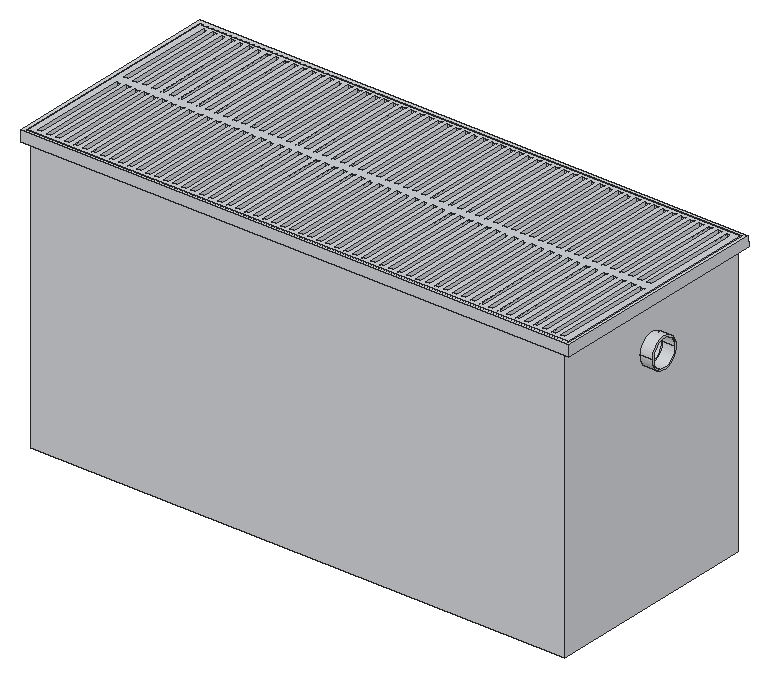
Revit family "Interceptor_Sand-Zurn-Z1187-SI", category Plumbing Fixtures, Revit 2022
Family settings
  Round Connector Dimension = Use Radius
  Part Type = Normal
  OmniClass Number = 23.45.55.21
  OmniClass Title = Drains (Wastes)
  Work Plane-Based = No
  Always vertical = Yes
  Cut with Voids When Loaded = No
  Maintain Annotation Orientation = No
  Shared = No
  Room Calculation Point = No
Parameters (values of type "Z1187-SI-500-6")
  Width = 48.000"
  Waste Connection = 1 = 1  # yes
  WFU = 1  # constant formula
  Void Length = Dimension L + 0.250"  # 120.250"
  Visibility_Size500 = yes
  Visibility_Size50 = no
  Visibility_Size250 = no
  Visibility_Size20 = no
  Visibility_Size150 = no
  Vent Connection = 1 = 0  # no
  URL = "www.zurn.com"
  Side Distance = 1.625"
  Product data url = "https://www.bimobject.com/en-in/zurnindustries/product/zurn-z1187-si"
  Product Page URL = "https://www.zurn.com/search?q=z1187-si"
  Product Documentation Link = "https://files.zurn.com/spec-sheets/z1187-si.pdf"
  Pipe Size_A Outer Radius = 3.313"
  Pipe Size_A Nominal Radius = 3.000"
  Pipe Size_A Inside Radius = 3.033"
  Outlet Distance = 1.250"
  No. of Grates = 20.000"
  Modified Date = "02/06/2026"  # constant formula
  Model = "Z1187-SI"  # constant formula
  Manufacurer Brand = "Zurn"  # constant formula
  Manufacturer = "Zurn Water, LLC"  # constant formula
  Main Material = Steel - Zurn - Fabricated - Acid resistant Coated
  Length L' = Dimension L + 0.875" + 0.875"  # 121.750"
  HWFU = 0  # constant formula
  HW Connection = 1 = 0  # no
  Frame Adjustment Height [instance] = 3.063"
  Flow G.P.M. (L) = 500.00 L
  End to Side Wall Distance = 2.875"
  Dimension L = 120.000"
  Dimension D = 51.000"
  Description = "SAND INTERCEPTOR"  # constant formula
  Default Elevation = 48.000"  # constant formula
  Date Created = "03/30/2021"  # constant formula
  Capacity Gal. (L) = 1200.00 L
  CWFU = 0  # constant formula
  CW Connection = 1 = 0  # no
  Body Side offset_1 = 1.500"
  Body Offset = 0.500"
  Assembly Code = "D2090300"
  Approx. Weight (Lbs) = 2204.00 lbf
Reference planes (in)
  plane 1 "Center (Front/Back)": y = 0
  plane 2: z = 0
  plane 3 "Center (Left/Right)": x = 0
  plane 4: x = -49.625
  plane 5: x = 49.625
  plane 6: y = -24
  plane 7: y = 24
  plane 8: x = -60.125
  plane 9: x = 60.125
  plane 10: x = -60.875
  plane 11: x = 60.875
  plane 12: x = -62.125
  plane 13: x = 62.125
  plane 14: x = -59.25
  plane 15: x = 60
  plane 16: x = -60.375
  plane 17: x = 60.375
  plane 18: z = 51
  plane 19: z = 63
  plane 20: z = 54.313
  plane 21: z = 47.687
  plane 22 "Grate Depth Plane": z = 61.25
  plane 23: z = 60.75
  plane 24: y = 24.875
  plane 25: y = -24.875
  plane 26 "L_Plane": x = -60
  plane 27: x = 60
  plane 28: y = 11.51743
  plane 29: y = -3.313
  plane 30: y = 3.313
  plane 31: x = 59.25
Forms (in)
  Extrusion 1, solid, material "Steel - Zurn - Fabricated - Acid resistant Coated" <- "Main Material", detail levels fine
    sketch origin (0, 0, 0) x (1, 0, 0) y (0, 0, 1)
      loop
        line (-59.25, 60.75) -> (-59.25, 0) -> (59.25, 0) -> (59.25, 60.75) -> (-59.25, 60.75)
    from -24 to 24
  Extrusion 2, solid, material "Steel - Zurn - Fabricated - Acid resistant Coated" <- "Main Material", detail levels fine
    sketch origin (0, 0, 0) x (0, 1, 0) y (0, 0, 1)
      loop
        circle (0, 51) r 3.313
      loop
        circle (0, 51) r 3.033
    from -62.125 to -59.25
  Extrusion 3, void
    sketch origin (0, 0, 0) x (0, 1, 0) y (0, 0, 1)
      loop
        circle (0, 51) r 3
    from -62.125 to 62.125
  Extrusion 4, solid, material "Steel - Zurn - Fabricated - Acid resistant Coated" <- "Main Material", detail levels fine
    sketch origin (0, 0, 0) x (1, 0, 0) y (0, 0, 1)
      loop
        line (-60.875, 60.75) -> (60.875, 60.75) -> (60.875, 63) -> (-60.875, 63) -> (-60.875, 60.75)
    from -24.875 to 24.875
  Extrusion 5, void
    sketch origin (0, 0, 0) x (1, 0, 0) y (0, 0, 1)
      loop
        line (-60.125, 63) -> (-60.125, 61.25) -> (60.125, 61.25) -> (60.125, 63) -> (-60.125, 63)
    from -24 to 24
  Extrusion 6, solid, material "Steel - Zurn - Fabricated - Acid resistant Coated" <- "Main Material", detail levels fine
    sketch origin (0, 0, 0) x (0, 1, 0) y (0, 0, -1)
      loop
        circle (0, -51) r 3.313
      loop
        circle (0, -51) r 3.033
    from -62.125 to -59.25
Cuts and joins
  Extrusion 3 cuts Extrusion 1
  Extrusion 5 cuts Extrusion 4
Lines and regions (in)
  Masking region 1, detail levels fine
    outline origin (-64.22456, -180, 51) x (-1, 0, 0) y (0, -1, 0)
      loop
        line (-125.09956, -204.875) -> (-3.34956, -204.875) -> (-3.34956, -183.313) -> (-2.09956, -183.313) -> (-2.09956, -176.687) -> (-3.34956, -176.687) -> (-3.34956, -155.125) -> (-125.09956, -155.125) -> (-125.09956, -176.687) -> (-126.34956, -176.687) -> (-126.34956, -183.313) -> (-125.09956, -183.313) -> (-125.09956, -204.875)
  model lines, detail levels coarse+medium
    curve 1: line (-59.25, 0, 51) -> (-62.125, 0, 51)
    curve 2: line (-62.125, 0, 47.687) -> (-62.125, 0, 54.313)
    curve 3: line (62.125, 0, 47.687) -> (62.125, 0, 54.313)
    curve 4: line (-62.125, 3.313, 51) -> (-62.125, -3.313, 51)
    curve 5: line (62.125, -3.313, 51) -> (62.125, 3.313, 51)
    curve 6: line (-60.875, 0, 60.75) -> (-60.875, 0, 63)
    curve 7: line (60.875, 0, 60.75) -> (60.875, 0, 63)
    curve 8: line (60.875, 0, 60.75) -> (59.25, 0, 60.75)
    curve 9: line (-60.875, 0, 60.75) -> (-59.25, 0, 60.75)
    curve 10: line (-60.875, -24.875, 63) -> (60.875, -24.875, 63)
    curve 11: line (-60.875, 24.875, 63) -> (60.875, 24.875, 63)
    curve 12: line (-60.875, 24.875, 63) -> (-60.875, -24.875, 63)
    curve 13: line (60.875, 24.875, 63) -> (60.875, -24.875, 63)
    curve 14: line (59.25, 0, 0) -> (59.25, 0, 60.75)
    curve 15: line (-59.25, 0, 0) -> (-59.25, 0, 60.75)
    curve 16: line (59.25, 0, 0) -> (-59.25, 0, 0)
    curve 17: line (59.25, 0, 51) -> (62.125, 0, 51)
Dimensions and locks (in)
  equal spacing: plane 5, plane 3 "Center (Left/Right)", plane 4
  plane 3 "Center (Left/Right)" to plane 4 = 49.625"
  equal spacing: plane 6, plane 1 "Center (Front/Back)", plane 7
  plane 6 to plane 1 "Center (Front/Back)" = 24.000"
  "Width": plane 6 to plane 7
  plane 12 to plane 14 = 2.875"  (x2)
  "Dimension D": plane 18 to level
  locked: plane 19 to plane 18 at 12
  "Body Offset": plane 16 to plane 10
  plane 8 to plane 16 = 0.250"
  "Body Offset": plane 11 to plane 17
  plane 19 to plane 22 "Grate Depth Plane" = 1.750"  (x3)
  locked: plane 19 to plane 23 at 2.25
  locked: plane 9 to plane 17 at 0.25
  "Outlet Distance": plane 13 to plane 11
  "Outlet Distance": plane 10 to plane 12
  plane 19 to level = 63.000"
  plane 19 to plane 23 = 2.250"
  equal spacing: plane 7, plane 1 "Center (Front/Back)", plane 6
  plane 7 to plane 6 = 48.000"
  plane 6 to plane 25 = 0.875"
  plane 24 to plane 7 = 0.875"
  locked: plane 27 to plane 11 at 0.875
  plane 10 to plane 26 "L_Plane" = 0.875"
  locked: plane 10 to plane 26 "L_Plane" at 0.875
  equal spacing: plane 11, plane 3 "Center (Left/Right)", plane 10
  equal spacing: plane 9, plane 3 "Center (Left/Right)", plane 8
  plane 10 to cut or joined group of Extrusion 1, Extrusion 3 = 1.625"
  "Side Distance": plane 11 to cut or joined group of Extrusion 1, Extrusion 3
  plane 9 to plane 3 "Center (Left/Right)" to plane 8 = 60.125", 60.125"
  "Void Length": plane 9 to plane 8
  plane 8 to plane 9 = 120.250"
  plane 11 to plane 10 = 121.750"
  plane 26 "L_Plane" to plane 10 = 0.875"
  equal spacing: plane 26 "L_Plane", plane 3 "Center (Left/Right)", plane 15
  plane 26 "L_Plane" to plane 15 = 120.000"
  plane 19 to plane 18 = 12.000"
  plane 18 to level = 51.000"
  "Pipe Size_A Outer Radius": plane 1 "Center (Front/Back)" to plane 29
  "Pipe Size_A Outer Radius": plane 18 to plane 21
  "Pipe Size_A Outer Radius": plane 20 to plane 18
  "Pipe Size_A Outer Radius": plane 1 "Center (Front/Back)" to plane 30
  "End to Side Wall Distance": cut or joined group of Extrusion 1, Extrusion 3 to plane 12
  "End to Side Wall Distance": plane 13 to plane 31
  "Pipe Size_A Outer Radius": radius of Extrusion 2 sketch curve
  "Pipe Size_A Inside Radius": radius of Extrusion 2 sketch curve
  "Pipe Size_A Nominal Radius": radius of Extrusion 3 sketch curve
  "Pipe Size_A Outer Radius": radius of Extrusion 6 sketch curve
  "Pipe Size_A Inside Radius": radius of Extrusion 6 sketch curve
  aligned and locked: plane 2 to level
  aligned and locked: Extrusion 2 to plane 12
  aligned and locked: Extrusion 2 to Extrusion 3
  aligned and locked: plane 18 to Extrusion 2 sketch curve  (x2)
  aligned and locked: plane 1 "Center (Front/Back)" to Extrusion 2 sketch curve  (x2)
  aligned and locked: Extrusion 1 to level
  aligned and locked: Extrusion 1 to plane 6
  aligned and locked: plane 7 to Extrusion 1
  aligned and locked: Extrusion 1 sketch curve to plane 23
  aligned and locked: plane 24 to Extrusion 4
  aligned and locked: Extrusion 4 to plane 25
  aligned and locked: plane 7 to Extrusion 5
  aligned and locked: Extrusion 5 to plane 6
  aligned and locked: plane 12 to curve 1
  aligned and locked: curve 1 to plane 18
  aligned and locked: plane 18 to Extrusion 6 sketch curve  (x2)
  aligned and locked: plane 1 "Center (Front/Back)" to Extrusion 6 sketch curve  (x2)
  aligned and locked: plane 20 to curve 2
  aligned and locked: plane 21 to curve 2
  aligned and locked: plane 1 "Center (Front/Back)" to curve 2
  aligned and locked: plane 20 to curve 3
  aligned and locked: plane 21 to curve 3
  aligned and locked: curve 3 to plane 1 "Center (Front/Back)"
  aligned and locked: Extrusion 6 to cut or joined group of Extrusion 1, Extrusion 3
  aligned and locked: plane 30 to curve 4
  aligned and locked: plane 29 to curve 4
  aligned and locked: curve 4 to plane 18
  aligned and locked: plane 29 to curve 5
  aligned and locked: plane 30 to curve 5
  aligned and locked: curve 5 to plane 18
  aligned and locked: plane 13 to Extrusion 6
  aligned and locked: plane 19 to curve 6
  aligned and locked: plane 19 to curve 7
  aligned and locked: curve 7 to plane 11
  aligned and locked: Extrusion 2 to plane 14
  aligned and locked: cut or joined group of Extrusion 4, Extrusion 5 to plane 10
  aligned and locked: plane 11 to cut or joined group of Extrusion 4, Extrusion 5
  aligned and locked: curve 9 to plane 23
  aligned and locked: curve 8 to plane 23
  aligned and locked: plane 10 to curve 10
  aligned and locked: plane 11 to curve 10
  aligned and locked: curve 10 to plane 25
  aligned and locked: curve 11 to plane 24
  aligned and locked: curve 12 to plane 10
  aligned and locked: plane 24 to curve 13
  aligned and locked: plane 25 to curve 13
  aligned and locked: plane 23 to curve 14
  aligned and locked: level to curve 14
  aligned and locked: plane 23 to curve 15
  aligned and locked: level to curve 15
  aligned and locked: curve 15 to plane 14
  aligned and locked: curve 16 to level
  aligned and locked: plane 10 to Masking region 1 sketch curve
  aligned and locked: plane 29 to Masking region 1 sketch curve  (x2)
  aligned and locked: plane 12 to Masking region 1 sketch curve
  aligned and locked: Masking region 1 sketch curve to plane 30  (x2)
  aligned and locked: Masking region 1 sketch curve to plane 11  (x2)
  aligned and locked: Masking region 1 sketch curve to plane 13
  aligned and locked: nested 1 to plane 1 "Center (Front/Back)"
  aligned and locked: nested 1 to plane 3 "Center (Left/Right)"
  aligned and locked: nested 1 to plane 22 "Grate Depth Plane"
  aligned and locked: plane 3 "Center (Left/Right)" to nested 2
  aligned and locked: plane 1 "Center (Front/Back)" to nested 2
  aligned and locked: nested 2 to plane 22 "Grate Depth Plane"
  aligned and locked: plane 3 "Center (Left/Right)" to nested 3
  aligned and locked: nested 3 to plane 22 "Grate Depth Plane"
  aligned and locked: nested 4 to plane 7
  aligned and locked: plane 3 "Center (Left/Right)" to nested 4
  aligned and locked: nested 4 to plane 22 "Grate Depth Plane"
  aligned and locked: plane 1 "Center (Front/Back)" to nested 5
  aligned and locked: plane 3 "Center (Left/Right)" to nested 5
  aligned and locked: nested 5 to plane 22 "Grate Depth Plane"
  aligned and locked: plane 13 to curve 17
  aligned and locked: plane 31 to curve 17
  aligned and locked: curve 17 to plane 18
  aligned and locked: curve 13 to plane 11
Automatic sketch dimensions
  Extrusion 1 sketch curve to level = 0.000"
  plane 8 to Extrusion 1 sketch curve = 0.875"
  Extrusion 1 sketch curve to plane 9 = 0.875"
  Extrusion 3 sketch curve to plane 1 "Center (Front/Back)" = 0.000"
  Extrusion 3 sketch curve to plane 18 = 0.000"
  Extrusion 4 sketch curve to plane 10 = 0.000"
  Extrusion 4 sketch curve to plane 11 = 0.000"
  plane 23 to Extrusion 4 sketch curve = 2.250"
  Extrusion 4 sketch curve to plane 19 = 2.250"
  Extrusion 5 sketch curve to plane 8 = 0.000"
  Extrusion 5 sketch curve to plane 9 = 0.000"
  Extrusion 5 sketch curve to plane 22 "Grate Depth Plane" = 0.000"
  Extrusion 5 sketch curve to plane 19 = 0.000"
  Masking region 1 sketch curve to plane 10 = 0.000"
  Masking region 1 sketch curve to plane 24 = 0.000"
  Masking region 1 sketch curve to plane 25 = 0.000"
  curve 6 to plane 10 = 0.000"
  curve 16 to plane 31 = 0.000"
Nested families (in)
  nested 1: "Grate Size_20" at (0, 0, 63) x (-1, 0, 0) z (0, 0, 1), visible <- "Visibility_Size20", type "Size-20"
    with Grate-1 Steel - Zurn - Fabricated - Acid resistant Coated
  nested 2: "Grate Size_50" at (0, 0, 63), visible <- "Visibility_Size50", type "Size-50"
    with Grate-1 Steel - Zurn - Fabricated - Acid resistant Coated
  nested 3: "Grate Size_150" at (0, 0, 61.25), visible <- "Visibility_Size150", type "Size-150"
    with Width 48.000", Length 48.000"
  nested 4: "Grate Size_250" at (0, 0, 61.25), visible <- "Visibility_Size250", type "Size-250"
    with Width 48.000", Main Material Steel - Zurn - Fabricated - Acid resistant Coated, Length 72.000"
  nested 5: "Grate Size_500" at (0, 0, 61.25), visible <- "Visibility_Size500", Main Material <- "Main Material", type "Size-500"
    with Width 48.000", Main Material Steel - Zurn - Fabricated - Acid resistant Coated, Length 120.000"
Connectors (in)
  piping at (-62.125, 0, 51), diameter 6, driven by "Pipe Size_A Nominal Radius", driven by "Waste Connection"
    settings: on Extrusion 2, index 1, connector inside diameter 24", connector length 0.000", flow factor 0, pipe flow 0 GPM, pressure drop 0.00 psi, fitting loss kfactor 0, connector angle 0.00°, fixture units 0, engagement length 0.000", angle of deflection 0.00°, flow configuration 0, flow direction 1, fitting loss method 0, system type 16, joint type 0, gender type 0, connector reference index -1, connector utility 1, adjustable connector no, is connector primary yes, connector description "Sanitary Inlet"
  piping at (62.125, 0, 51), diameter 6, driven by "Pipe Size_A Nominal Radius", driven by "Waste Connection"
    settings: on Extrusion 6, index 2, connector inside diameter 24", connector length 0.000", flow factor 0, pipe flow 0 GPM, pressure drop 0.00 psi, fitting loss kfactor 0, connector angle 0.00°, fixture units 0, engagement length 0.000", angle of deflection 0.00°, flow configuration 0, flow direction 2, fitting loss method 0, system type 16, joint type 0, gender type 0, connector reference index -1, connector utility 1, adjustable connector no, is connector primary no, connector description "Sanitary Outlet"
Definition of nested family "Grate Size_20"
  Parameters (values of type "Size-20")
    URL = "www.zurn.com"
    Product data url = ""
    Product Page URL = ""
    Product Installation Sheet URL = ""
    Product Documentation Link = ""
    Modified Date = ""
    Manufacurer Brand = "Zurn"  # constant formula
    Manufacturer = "Zurn Water, LLC"  # constant formula
    Grate-1 [instance] = none
    Grate Width = 24.000"
    Grate Length = 24.000"
    Default Elevation = 20.000"
    Date Created = ""
    Approx. Weight (Lbs) = 0.000"
  Reference planes (in)
    plane 1 "Center (Front/Back)": y = 0
    plane 2: z = 0
    plane 3 "Center (Left/Right)": x = 0
    plane 4: x = -2.18014
    plane 5: x = 2.18014
    plane 6: y = -34.29747
    plane 7: y = -12
    plane 8: y = 12
    plane 9: x = -12
    plane 10: x = 12
    plane 11: z = -1.75
    plane 12: y = 11
    plane 13: x = -11
    plane 14: y = 0.5
    plane 15: x = -10.5
  Forms (in)
    Extrusion 1, void, not visible
      sketch origin (0, 0, 0) x (1, 0, 0) y (0, 1, 0)
        loop
          line (-2.18014, -34.89447) -> (2.18014, -34.89447)
          arc (2.18014, -34.89447) -> (2.47864, -34.59597) -> (2.18014, -34.29747) r 0.2985
          line (2.18014, -34.29747) -> (-2.18014, -34.29747)
          arc (-2.18014, -34.29747) -> (-2.47864, -34.59597) -> (-2.18014, -34.89447) r 0.2985
      from 0 to 12
    Extrusion 2, solid, material <- "Grate-1", detail levels fine
      sketch origin (0, 0, 0) x (1, 0, 0) y (0, 1, 0)
        loop
          line (-12, 12) -> (-12, -12) -> (12, -12) -> (12, 12) -> (-12, 12)
      from 0 to -1.75
    Extrusion 3, void
      sketch origin (0, 0, 0) x (1, 0, 0) y (0, 1, 0)
        loop
          line (-11, 11) -> (-11, 0.5) -> (-10.5, 0.5) -> (-10.5, 11) -> (-11, 11)
      from -1.375 to 0
    Extrusion 4, void
      sketch origin (21.5, 0, 0) x (1, 0, 0) y (0, 1, 0)
        loop
          line (-11, 11) -> (-11, 0.5) -> (-10.5, 0.5) -> (-10.5, 11) -> (-11, 11)
      from -1.375 to 0
    Extrusion 5, void
      sketch origin (1.95455, 0, 0) x (1, 0, 0) y (0, 1, 0)
        loop
          line (-11, 11) -> (-11, 0.5) -> (-10.5, 0.5) -> (-10.5, 11) -> (-11, 11)
      from -1.375 to 0
    Extrusion 6, void
      sketch origin (3.90909, 0, 0) x (1, 0, 0) y (0, 1, 0)
        loop
          line (-11, 11) -> (-11, 0.5) -> (-10.5, 0.5) -> (-10.5, 11) -> (-11, 11)
      from -1.375 to 0
    Extrusion 7, void
      sketch origin (5.86364, 0, 0) x (1, 0, 0) y (0, 1, 0)
        loop
          line (-11, 11) -> (-11, 0.5) -> (-10.5, 0.5) -> (-10.5, 11) -> (-11, 11)
      from -1.375 to 0
    Extrusion 8, void
      sketch origin (7.81818, 0, 0) x (1, 0, 0) y (0, 1, 0)
        loop
          line (-11, 11) -> (-11, 0.5) -> (-10.5, 0.5) -> (-10.5, 11) -> (-11, 11)
      from -1.375 to 0
    Extrusion 9, void
      sketch origin (9.77273, 0, 0) x (1, 0, 0) y (0, 1, 0)
        loop
          line (-11, 11) -> (-11, 0.5) -> (-10.5, 0.5) -> (-10.5, 11) -> (-11, 11)
      from -1.375 to 0
    Extrusion 10, void
      sketch origin (11.72727, 0, 0) x (1, 0, 0) y (0, 1, 0)
        loop
          line (-11, 11) -> (-11, 0.5) -> (-10.5, 0.5) -> (-10.5, 11) -> (-11, 11)
      from -1.375 to 0
    Extrusion 11, void
      sketch origin (13.68182, 0, 0) x (1, 0, 0) y (0, 1, 0)
        loop
          line (-11, 11) -> (-11, 0.5) -> (-10.5, 0.5) -> (-10.5, 11) -> (-11, 11)
      from -1.375 to 0
    Extrusion 12, void
      sketch origin (15.63636, 0, 0) x (1, 0, 0) y (0, 1, 0)
        loop
          line (-11, 11) -> (-11, 0.5) -> (-10.5, 0.5) -> (-10.5, 11) -> (-11, 11)
      from -1.375 to 0
    Extrusion 13, void
      sketch origin (17.59091, 0, 0) x (1, 0, 0) y (0, 1, 0)
        loop
          line (-11, 11) -> (-11, 0.5) -> (-10.5, 0.5) -> (-10.5, 11) -> (-11, 11)
      from -1.375 to 0
    Extrusion 14, void
      sketch origin (19.54545, 0, 0) x (1, 0, 0) y (0, 1, 0)
        loop
          line (-11, 11) -> (-11, 0.5) -> (-10.5, 0.5) -> (-10.5, 11) -> (-11, 11)
      from -1.375 to 0
    Extrusion 15, void
      sketch origin (0, 0, 0) x (1, 0, 0) y (0, 1, 0)
        loop
          line (-11, -11) -> (-10.5, -11) -> (-10.5, -0.5) -> (-11, -0.5) -> (-11, -11)
      from -1.375 to 0
    Extrusion 16, void
      sketch origin (21.5, 0, 0) x (1, 0, 0) y (0, 1, 0)
        loop
          line (-11, -11) -> (-10.5, -11) -> (-10.5, -0.5) -> (-11, -0.5) -> (-11, -11)
      from -1.375 to 0
    Extrusion 17, void
      sketch origin (1.95455, 0, 0) x (1, 0, 0) y (0, 1, 0)
        loop
          line (-11, -11) -> (-10.5, -11) -> (-10.5, -0.5) -> (-11, -0.5) -> (-11, -11)
      from -1.375 to 0
    Extrusion 18, void
      sketch origin (3.90909, 0, 0) x (1, 0, 0) y (0, 1, 0)
        loop
          line (-11, -11) -> (-10.5, -11) -> (-10.5, -0.5) -> (-11, -0.5) -> (-11, -11)
      from -1.375 to 0
    Extrusion 19, void
      sketch origin (5.86364, 0, 0) x (1, 0, 0) y (0, 1, 0)
        loop
          line (-11, -11) -> (-10.5, -11) -> (-10.5, -0.5) -> (-11, -0.5) -> (-11, -11)
      from -1.375 to 0
    Extrusion 20, void
      sketch origin (7.81818, 0, 0) x (1, 0, 0) y (0, 1, 0)
        loop
          line (-11, -11) -> (-10.5, -11) -> (-10.5, -0.5) -> (-11, -0.5) -> (-11, -11)
      from -1.375 to 0
    Extrusion 21, void
      sketch origin (9.77273, 0, 0) x (1, 0, 0) y (0, 1, 0)
        loop
          line (-11, -11) -> (-10.5, -11) -> (-10.5, -0.5) -> (-11, -0.5) -> (-11, -11)
      from -1.375 to 0
    Extrusion 22, void
      sketch origin (11.72727, 0, 0) x (1, 0, 0) y (0, 1, 0)
        loop
          line (-11, -11) -> (-10.5, -11) -> (-10.5, -0.5) -> (-11, -0.5) -> (-11, -11)
      from -1.375 to 0
    Extrusion 23, void
      sketch origin (13.68182, 0, 0) x (1, 0, 0) y (0, 1, 0)
        loop
          line (-11, -11) -> (-10.5, -11) -> (-10.5, -0.5) -> (-11, -0.5) -> (-11, -11)
      from -1.375 to 0
    Extrusion 24, void
      sketch origin (15.63636, 0, 0) x (1, 0, 0) y (0, 1, 0)
        loop
          line (-11, -11) -> (-10.5, -11) -> (-10.5, -0.5) -> (-11, -0.5) -> (-11, -11)
      from -1.375 to 0
    Extrusion 25, void
      sketch origin (17.59091, 0, 0) x (1, 0, 0) y (0, 1, 0)
        loop
          line (-11, -11) -> (-10.5, -11) -> (-10.5, -0.5) -> (-11, -0.5) -> (-11, -11)
      from -1.375 to 0
    Extrusion 26, void
      sketch origin (19.54545, 0, 0) x (1, 0, 0) y (0, 1, 0)
        loop
          line (-11, -11) -> (-10.5, -11) -> (-10.5, -0.5) -> (-11, -0.5) -> (-11, -11)
      from -1.375 to 0
  Cuts and joins
    Extrusion 3, Extrusion 4, Extrusion 5, Extrusion 6, Extrusion 7, Extrusion 8, Extrusion 9, Extrusion 10, Extrusion 11, Extrusion 12, Extrusion 13, Extrusion 14, Extrusion 15, Extrusion 16, Extrusion 17, Extrusion 18, Extrusion 19, Extrusion 20, Extrusion 21, Extrusion 22, Extrusion 23, Extrusion 24, Extrusion 25, Extrusion 26 cuts Extrusion 2
  Lines and regions (in)
    model lines, detail levels coarse+medium
      curve 1: line (-12, -12, 0) -> (12, -12, 0)
      curve 2: line (-12, 12, 0) -> (12, 12, 0)
      curve 3: line (-12, -12, 0) -> (-12, 12, 0)
      curve 4: line (12, -12, 0) -> (12, 12, 0)
      curve 5: line (-12, 9, 0) -> (12, 9, 0)
      curve 6: line (-12, 6, 0) -> (12, 6, 0)
      curve 7: line (-12, 3, 0) -> (12, 3, 0)
      curve 8: line (-12, -3, 0) -> (12, -3, 0)
      curve 9: line (-12, -6, 0) -> (12, -6, 0)
      curve 10: line (-12, -9, 0) -> (12, -9, 0)
      curve 11: line (-12, 0, 0) -> (12, 0, 0)
      curve 12: line (-9, 12, 0) -> (-9, -12, 0)
      curve 13: line (-6, 12, 0) -> (-6, -12, 0)
      curve 14: line (-3, 12, 0) -> (-3, -12, 0)
      curve 15: line (0, 12, 0) -> (0, -12, 0)
      curve 16: line (3, 12, 0) -> (3, -12, 0)
      curve 17: line (6, 12, 0) -> (6, -12, 0)
      curve 18: line (9, 12, 0) -> (9, -12, 0)
  Dimensions and locks (in)
    Extrusion 1 sketch curve to Extrusion 1 sketch curve = 0.597"
    equal spacing: plane 8, plane 1 "Center (Front/Back)", plane 7
    "Grate Length": plane 8 to plane 7
    equal spacing: plane 9, plane 3 "Center (Left/Right)", plane 10
    "Grate Width": plane 9 to plane 10
    level to plane 11 = 1.750"
    plane 9 to plane 13 = 1.000"
    plane 13 to plane 15 = 0.500"
    plane 8 to plane 12 = 1.000"
    plane 14 to plane 1 "Center (Front/Back)" = 0.500"
    equal spacing: group 2, group 4, group 5, group 6, group 7, group 8, group 9, group 10, group 11, group 12, group 13, group 3  (x3)
    equal spacing: plane 1 "Center (Front/Back)", curve 8, curve 9, curve 10, plane 7
    equal spacing: plane 1 "Center (Front/Back)", curve 7, curve 6, curve 5, plane 8
    equal spacing: plane 9, curve 12, curve 13, curve 14, curve 15, curve 16, curve 17, curve 18, plane 10
    aligned and locked: plane 2 to level
    aligned and locked: plane 4 to Extrusion 1 sketch curve
    aligned and locked: plane 5 to Extrusion 1 sketch curve
    aligned and locked: Extrusion 2 sketch curve to plane 8
    aligned and locked: plane 9 to Extrusion 2 sketch curve
    aligned and locked: plane 7 to Extrusion 2 sketch curve
    aligned and locked: Extrusion 2 sketch curve to plane 10
    aligned and locked: Extrusion 2 to plane 11
    aligned and locked: level to Extrusion 3
    aligned and locked: plane 9 to curve 2
    aligned and locked: plane 10 to curve 2
    aligned and locked: curve 2 to plane 8
    aligned and locked: curve 1 to plane 7
    aligned and locked: plane 9 to curve 6
    aligned and locked: plane 10 to curve 5
    aligned and locked: plane 8 to curve 12
    aligned and locked: plane 7 to curve 16
  Automatic sketch dimensions
    Extrusion 3 sketch curve to Extrusion 3 sketch curve = 0.500"
    Extrusion 3 sketch curve to Extrusion 3 sketch curve = 10.500"
    Extrusion 4 sketch curve to Extrusion 4 sketch curve = 0.500"
    Extrusion 4 sketch curve to Extrusion 4 sketch curve = 10.500"
    Extrusion 5 sketch curve to Extrusion 5 sketch curve = 0.500"
    Extrusion 5 sketch curve to Extrusion 5 sketch curve = 10.500"
    Extrusion 6 sketch curve to Extrusion 6 sketch curve = 0.500"
    Extrusion 6 sketch curve to Extrusion 6 sketch curve = 10.500"
    Extrusion 7 sketch curve to Extrusion 7 sketch curve = 0.500"
    Extrusion 7 sketch curve to Extrusion 7 sketch curve = 10.500"
    Extrusion 8 sketch curve to Extrusion 8 sketch curve = 0.500"
    Extrusion 8 sketch curve to Extrusion 8 sketch curve = 10.500"
    Extrusion 9 sketch curve to Extrusion 9 sketch curve = 0.500"
    Extrusion 9 sketch curve to Extrusion 9 sketch curve = 10.500"
    Extrusion 10 sketch curve to Extrusion 10 sketch curve = 0.500"
    Extrusion 10 sketch curve to Extrusion 10 sketch curve = 10.500"
    Extrusion 11 sketch curve to Extrusion 11 sketch curve = 0.500"
    Extrusion 11 sketch curve to Extrusion 11 sketch curve = 10.500"
    Extrusion 12 sketch curve to Extrusion 12 sketch curve = 0.500"
    Extrusion 12 sketch curve to Extrusion 12 sketch curve = 10.500"
    Extrusion 13 sketch curve to Extrusion 13 sketch curve = 0.500"
    Extrusion 13 sketch curve to Extrusion 13 sketch curve = 10.500"
    Extrusion 14 sketch curve to Extrusion 14 sketch curve = 0.500"
    Extrusion 14 sketch curve to Extrusion 14 sketch curve = 10.500"
    Extrusion 15 sketch curve to Extrusion 15 sketch curve = 0.500"
    Extrusion 15 sketch curve to Extrusion 15 sketch curve = 10.500"
    Extrusion 16 sketch curve to Extrusion 16 sketch curve = 0.500"
    Extrusion 16 sketch curve to Extrusion 16 sketch curve = 10.500"
    Extrusion 17 sketch curve to Extrusion 17 sketch curve = 0.500"
    Extrusion 17 sketch curve to Extrusion 17 sketch curve = 10.500"
    Extrusion 18 sketch curve to Extrusion 18 sketch curve = 0.500"
    Extrusion 18 sketch curve to Extrusion 18 sketch curve = 10.500"
    Extrusion 19 sketch curve to Extrusion 19 sketch curve = 0.500"
    Extrusion 19 sketch curve to Extrusion 19 sketch curve = 10.500"
    Extrusion 20 sketch curve to Extrusion 20 sketch curve = 0.500"
    Extrusion 20 sketch curve to Extrusion 20 sketch curve = 10.500"
    Extrusion 21 sketch curve to Extrusion 21 sketch curve = 0.500"
    Extrusion 21 sketch curve to Extrusion 21 sketch curve = 10.500"
    Extrusion 22 sketch curve to Extrusion 22 sketch curve = 0.500"
    Extrusion 22 sketch curve to Extrusion 22 sketch curve = 10.500"
    Extrusion 23 sketch curve to Extrusion 23 sketch curve = 0.500"
    Extrusion 23 sketch curve to Extrusion 23 sketch curve = 10.500"
    Extrusion 24 sketch curve to Extrusion 24 sketch curve = 0.500"
    Extrusion 24 sketch curve to Extrusion 24 sketch curve = 10.500"
    Extrusion 25 sketch curve to Extrusion 25 sketch curve = 0.500"
    Extrusion 25 sketch curve to Extrusion 25 sketch curve = 10.500"
    Extrusion 26 sketch curve to Extrusion 26 sketch curve = 0.500"
    Extrusion 26 sketch curve to Extrusion 26 sketch curve = 10.500"
    plane 1 "Center (Front/Back)" to curve 11 = 0.000"
Definition of nested family "Grate Size_50"
  Parameters (values of type "Size-50")
    Width = 24.000"
    URL = "www.zurn.com"
    Product data url = ""
    Product Page URL = ""
    Product Installation Sheet URL = ""
    Product Documentation Link = ""
    Modified Date = ""
    Manufacurer Brand = "Zurn"  # constant formula
    Manufacturer = "Zurn Water, LLC"  # constant formula
    Length = 48.000"
    Grate-1 [instance] = none
    Default Elevation = 20.000"
    Date Created = ""
    Approx. Weight (Lbs) = 0.000"
  Reference planes (in)
    plane 1 "Center (Front/Back)": y = 0
    plane 2: z = 0
    plane 3 "Center (Left/Right)": x = 0
    plane 4: x = -2.18014
    plane 5: x = 2.18014
    plane 6: y = -34.29747
    plane 7: y = -12
    plane 8: y = 12
    plane 9: x = -24
    plane 10: x = 24
    plane 11: z = -1.75
    plane 12: y = -11
    plane 13: y = -1
    plane 14: x = 0.5
    plane 15: x = -22
    plane 16: x = 22
    plane 17: x = -0.5
    plane 18: y = -11
    plane 19: y = -1
    plane 20: x = 2.5
    plane 21: x = 1.5
    plane 22: y = -11
    plane 23: y = -1
    plane 24: x = 4.5
    plane 25: x = 3.5
    plane 26: y = -11
    plane 27: y = -1
    plane 28: x = 6.5
    plane 29: x = 5.5
    plane 30: y = -11
    plane 31: y = -1
    plane 32: x = 8.5
    plane 33: x = 7.5
    plane 34: y = -11
    plane 35: y = -1
    plane 36: x = 10.5
    plane 37: x = 9.5
    plane 38: y = -11
    plane 39: y = -1
    plane 40: x = 12.5
    plane 41: x = 11.5
    plane 42: y = -11
    plane 43: y = -1
    plane 44: x = 14.5
    plane 45: x = 13.5
    plane 46: y = -11
    plane 47: y = -1
    plane 48: x = 16.5
    plane 49: x = 15.5
    plane 50: y = -11
    plane 51: y = -1
    plane 52: x = 18.5
    plane 53: x = 17.5
    plane 54: y = -11
    plane 55: y = -1
    plane 56: x = 20.5
    plane 57: x = 19.5
    plane 58: y = -11
    plane 59: y = -1
    plane 60: x = 22.5
    plane 61: x = 21.5
    plane 62: y = -11
    plane 63: y = -1
    plane 64: x = -1.5
    plane 65: x = -2.5
    plane 66: y = -11
    plane 67: y = -1
    plane 68: x = -3.5
    plane 69: x = -4.5
    plane 70: y = -11
    plane 71: y = -1
    plane 72: x = -5.5
    plane 73: x = -6.5
    plane 74: y = -11
    plane 75: y = -1
    plane 76: x = -7.5
    plane 77: x = -8.5
    plane 78: y = -11
    plane 79: y = -1
    plane 80: x = -9.5
    plane 81: x = -10.5
    plane 82: y = -11
    plane 83: y = -1
    plane 84: x = -11.5
    plane 85: x = -12.5
    plane 86: y = -11
    plane 87: y = -1
    plane 88: x = -13.5
    plane 89: x = -14.5
    plane 90: y = -11
    plane 91: y = -1
    plane 92: x = -15.5
    plane 93: x = -16.5
    plane 94: y = -11
    plane 95: y = -1
    plane 96: x = -17.5
    plane 97: x = -18.5
    plane 98: y = -11
    plane 99: y = -1
    plane 100: x = -19.5
    plane 101: x = -20.5
    plane 102: y = -11
    plane 103: y = -1
    plane 104: x = -21.5
    plane 105: x = -22.5
    plane 106: y = 11
    plane 107: y = 1
    plane 108: x = 0.5
    plane 109: x = -0.5
    plane 110: y = 11
    plane 111: y = 1
    plane 112: x = 2.5
    plane 113: x = 1.5
    plane 114: y = 11
    plane 115: y = 1
    plane 116: x = 4.5
    plane 117: x = 3.5
    plane 118: y = 11
    plane 119: y = 1
    plane 120: x = 6.5
    plane 121: x = 5.5
    plane 122: y = 11
    plane 123: y = 1
    plane 124: x = 8.5
    plane 125: x = 7.5
    plane 126: y = 11
    plane 127: y = 1
    plane 128: x = 10.5
    plane 129: x = 9.5
    plane 130: y = 11
    plane 131: y = 1
    plane 132: x = 12.5
    plane 133: x = 11.5
    plane 134: y = 11
    plane 135: y = 1
    plane 136: x = 14.5
    plane 137: x = 13.5
    plane 138: y = 11
    plane 139: y = 1
    plane 140: x = 16.5
    plane 141: x = 15.5
    plane 142: y = 11
    plane 143: y = 1
    plane 144: x = 18.5
    plane 145: x = 17.5
    plane 146: y = 11
    plane 147: y = 1
    plane 148: x = 20.5
    plane 149: x = 19.5
    plane 150: y = 11
    plane 151: y = 1
    plane 152: x = 22.5
    plane 153: x = 21.5
    plane 154: y = 11
    plane 155: y = 1
    plane 156: x = -1.5
    plane 157: x = -2.5
    plane 158: y = 11
    plane 159: y = 1
    plane 160: x = -3.5
    plane 161: x = -4.5
    plane 162: y = 11
    plane 163: y = 1
    plane 164: x = -5.5
    plane 165: x = -6.5
    plane 166: y = 11
    plane 167: y = 1
    plane 168: x = -7.5
    plane 169: x = -8.5
    plane 170: y = 11
    plane 171: y = 1
    plane 172: x = -9.5
    plane 173: x = -10.5
    plane 174: y = 11
    plane 175: y = 1
    plane 176: x = -11.5
    plane 177: x = -12.5
    plane 178: y = 11
    plane 179: y = 1
    plane 180: x = -13.5
    plane 181: x = -14.5
    plane 182: y = 11
    plane 183: y = 1
    plane 184: x = -15.5
    plane 185: x = -16.5
    plane 186: y = 11
    plane 187: y = 1
    plane 188: x = -17.5
    plane 189: x = -18.5
    plane 190: y = 11
    plane 191: y = 1
    plane 192: x = -19.5
    plane 193: x = -20.5
    plane 194: y = 11
    plane 195: y = 1
    plane 196: x = -21.5
    plane 197: x = -22.5
  Forms (in)
    Extrusion 1, void, not visible
      sketch origin (0, 0, 0) x (1, 0, 0) y (0, 1, 0)
        loop
          line (-2.18014, -34.89447) -> (2.18014, -34.89447)
          arc (2.18014, -34.89447) -> (2.47864, -34.59597) -> (2.18014, -34.29747) r 0.2985
          line (2.18014, -34.29747) -> (-2.18014, -34.29747)
          arc (-2.18014, -34.29747) -> (-2.47864, -34.59597) -> (-2.18014, -34.89447) r 0.2985
      from 0 to 12
    Extrusion 2, solid, material <- "Grate-1", detail levels fine
      sketch origin (0, 0, 0) x (1, 0, 0) y (0, 1, 0)
        loop
          line (-24, 12) -> (-24, -12) -> (24, -12) -> (24, 12) -> (-24, 12)
      from 0 to -1.75
    Extrusion 3, void
      sketch origin (-10.79393, 0, 0) x (1, 0, 0) y (0, 1, 0)
        loop
          line (10.29393, -11) -> (11.29393, -11) -> (11.29393, -1) -> (10.29393, -1) -> (10.29393, -11)
      from -1.375 to 0
    Extrusion 4, void
      sketch origin (-8.79393, 0, 0) x (1, 0, 0) y (0, 1, 0)
        loop
          line (10.29393, -11) -> (11.29393, -11) -> (11.29393, -1) -> (10.29393, -1) -> (10.29393, -11)
      from -1.375 to 0
    Extrusion 5, void
      sketch origin (-6.79393, 0, 0) x (1, 0, 0) y (0, 1, 0)
        loop
          line (10.29393, -11) -> (11.29393, -11) -> (11.29393, -1) -> (10.29393, -1) -> (10.29393, -11)
      from -1.375 to 0
    Extrusion 6, void
      sketch origin (-4.79393, 0, 0) x (1, 0, 0) y (0, 1, 0)
        loop
          line (10.29393, -11) -> (11.29393, -11) -> (11.29393, -1) -> (10.29393, -1) -> (10.29393, -11)
      from -1.375 to 0
    Extrusion 7, void
      sketch origin (-2.79393, 0, 0) x (1, 0, 0) y (0, 1, 0)
        loop
          line (10.29393, -11) -> (11.29393, -11) -> (11.29393, -1) -> (10.29393, -1) -> (10.29393, -11)
      from -1.375 to 0
    Extrusion 8, void
      sketch origin (-0.79393, 0, 0) x (1, 0, 0) y (0, 1, 0)
        loop
          line (10.29393, -11) -> (11.29393, -11) -> (11.29393, -1) -> (10.29393, -1) -> (10.29393, -11)
      from -1.375 to 0
    Extrusion 9, void
      sketch origin (1.20607, 0, 0) x (1, 0, 0) y (0, 1, 0)
        loop
          line (10.29393, -11) -> (11.29393, -11) -> (11.29393, -1) -> (10.29393, -1) -> (10.29393, -11)
      from -1.375 to 0
    Extrusion 10, void
      sketch origin (3.20607, 0, 0) x (1, 0, 0) y (0, 1, 0)
        loop
          line (10.29393, -11) -> (11.29393, -11) -> (11.29393, -1) -> (10.29393, -1) -> (10.29393, -11)
      from -1.375 to 0
    Extrusion 11, void
      sketch origin (5.20607, 0, 0) x (1, 0, 0) y (0, 1, 0)
        loop
          line (10.29393, -11) -> (11.29393, -11) -> (11.29393, -1) -> (10.29393, -1) -> (10.29393, -11)
      from -1.375 to 0
    Extrusion 12, void
      sketch origin (7.20607, 0, 0) x (1, 0, 0) y (0, 1, 0)
        loop
          line (10.29393, -11) -> (11.29393, -11) -> (11.29393, -1) -> (10.29393, -1) -> (10.29393, -11)
      from -1.375 to 0
    Extrusion 13, void
      sketch origin (9.20607, 0, 0) x (1, 0, 0) y (0, 1, 0)
        loop
          line (10.29393, -11) -> (11.29393, -11) -> (11.29393, -1) -> (10.29393, -1) -> (10.29393, -11)
      from -1.375 to 0
    Extrusion 14, void
      sketch origin (11.20607, 0, 0) x (1, 0, 0) y (0, 1, 0)
        loop
          line (10.29393, -11) -> (11.29393, -11) -> (11.29393, -1) -> (10.29393, -1) -> (10.29393, -11)
      from -1.375 to 0
    Extrusion 15, void
      sketch origin (-12.79393, 0, 0) x (1, 0, 0) y (0, 1, 0)
        loop
          line (10.29393, -11) -> (11.29393, -11) -> (11.29393, -1) -> (10.29393, -1) -> (10.29393, -11)
      from -1.375 to 0
    Extrusion 16, void
      sketch origin (-14.79393, 0, 0) x (1, 0, 0) y (0, 1, 0)
        loop
          line (10.29393, -11) -> (11.29393, -11) -> (11.29393, -1) -> (10.29393, -1) -> (10.29393, -11)
      from -1.375 to 0
    Extrusion 17, void
      sketch origin (-16.79393, 0, 0) x (1, 0, 0) y (0, 1, 0)
        loop
          line (10.29393, -11) -> (11.29393, -11) -> (11.29393, -1) -> (10.29393, -1) -> (10.29393, -11)
      from -1.375 to 0
    Extrusion 18, void
      sketch origin (-18.79393, 0, 0) x (1, 0, 0) y (0, 1, 0)
        loop
          line (10.29393, -11) -> (11.29393, -11) -> (11.29393, -1) -> (10.29393, -1) -> (10.29393, -11)
      from -1.375 to 0
    Extrusion 19, void
      sketch origin (-20.79393, 0, 0) x (1, 0, 0) y (0, 1, 0)
        loop
          line (10.29393, -11) -> (11.29393, -11) -> (11.29393, -1) -> (10.29393, -1) -> (10.29393, -11)
      from -1.375 to 0
    Extrusion 20, void
      sketch origin (-22.79393, 0, 0) x (1, 0, 0) y (0, 1, 0)
        loop
          line (10.29393, -11) -> (11.29393, -11) -> (11.29393, -1) -> (10.29393, -1) -> (10.29393, -11)
      from -1.375 to 0
    Extrusion 21, void
      sketch origin (-24.79393, 0, 0) x (1, 0, 0) y (0, 1, 0)
        loop
          line (10.29393, -11) -> (11.29393, -11) -> (11.29393, -1) -> (10.29393, -1) -> (10.29393, -11)
      from -1.375 to 0
    Extrusion 22, void
      sketch origin (-26.79393, 0, 0) x (1, 0, 0) y (0, 1, 0)
        loop
          line (10.29393, -11) -> (11.29393, -11) -> (11.29393, -1) -> (10.29393, -1) -> (10.29393, -11)
      from -1.375 to 0
    Extrusion 23, void
      sketch origin (-28.79393, 0, 0) x (1, 0, 0) y (0, 1, 0)
        loop
          line (10.29393, -11) -> (11.29393, -11) -> (11.29393, -1) -> (10.29393, -1) -> (10.29393, -11)
      from -1.375 to 0
    Extrusion 24, void
      sketch origin (-30.79393, 0, 0) x (1, 0, 0) y (0, 1, 0)
        loop
          line (10.29393, -11) -> (11.29393, -11) -> (11.29393, -1) -> (10.29393, -1) -> (10.29393, -11)
      from -1.375 to 0
    Extrusion 25, void
      sketch origin (-32.79393, 0, 0) x (1, 0, 0) y (0, 1, 0)
        loop
          line (10.29393, -11) -> (11.29393, -11) -> (11.29393, -1) -> (10.29393, -1) -> (10.29393, -11)
      from -1.375 to 0
    Extrusion 26, void
      sketch origin (-10.79393, 0, 0) x (1, 0, 0) y (0, 1, 0)
        loop
          line (10.29393, 11) -> (10.29393, 1) -> (11.29393, 1) -> (11.29393, 11) -> (10.29393, 11)
      from -1.375 to 0
    Extrusion 27, void
      sketch origin (-8.79393, 0, 0) x (1, 0, 0) y (0, 1, 0)
        loop
          line (10.29393, 11) -> (10.29393, 1) -> (11.29393, 1) -> (11.29393, 11) -> (10.29393, 11)
      from -1.375 to 0
    Extrusion 28, void
      sketch origin (-6.79393, 0, 0) x (1, 0, 0) y (0, 1, 0)
        loop
          line (10.29393, 11) -> (10.29393, 1) -> (11.29393, 1) -> (11.29393, 11) -> (10.29393, 11)
      from -1.375 to 0
    Extrusion 29, void
      sketch origin (-4.79393, 0, 0) x (1, 0, 0) y (0, 1, 0)
        loop
          line (10.29393, 11) -> (10.29393, 1) -> (11.29393, 1) -> (11.29393, 11) -> (10.29393, 11)
      from -1.375 to 0
    Extrusion 30, void
      sketch origin (-2.79393, 0, 0) x (1, 0, 0) y (0, 1, 0)
        loop
          line (10.29393, 11) -> (10.29393, 1) -> (11.29393, 1) -> (11.29393, 11) -> (10.29393, 11)
      from -1.375 to 0
    Extrusion 31, void
      sketch origin (-0.79393, 0, 0) x (1, 0, 0) y (0, 1, 0)
        loop
          line (10.29393, 11) -> (10.29393, 1) -> (11.29393, 1) -> (11.29393, 11) -> (10.29393, 11)
      from -1.375 to 0
    Extrusion 32, void
      sketch origin (1.20607, 0, 0) x (1, 0, 0) y (0, 1, 0)
        loop
          line (10.29393, 11) -> (10.29393, 1) -> (11.29393, 1) -> (11.29393, 11) -> (10.29393, 11)
      from -1.375 to 0
    Extrusion 33, void
      sketch origin (3.20607, 0, 0) x (1, 0, 0) y (0, 1, 0)
        loop
          line (10.29393, 11) -> (10.29393, 1) -> (11.29393, 1) -> (11.29393, 11) -> (10.29393, 11)
      from -1.375 to 0
    Extrusion 34, void
      sketch origin (5.20607, 0, 0) x (1, 0, 0) y (0, 1, 0)
        loop
          line (10.29393, 11) -> (10.29393, 1) -> (11.29393, 1) -> (11.29393, 11) -> (10.29393, 11)
      from -1.375 to 0
    Extrusion 35, void
      sketch origin (7.20607, 0, 0) x (1, 0, 0) y (0, 1, 0)
        loop
          line (10.29393, 11) -> (10.29393, 1) -> (11.29393, 1) -> (11.29393, 11) -> (10.29393, 11)
      from -1.375 to 0
    Extrusion 36, void
      sketch origin (9.20607, 0, 0) x (1, 0, 0) y (0, 1, 0)
        loop
          line (10.29393, 11) -> (10.29393, 1) -> (11.29393, 1) -> (11.29393, 11) -> (10.29393, 11)
      from -1.375 to 0
    Extrusion 37, void
      sketch origin (11.20607, 0, 0) x (1, 0, 0) y (0, 1, 0)
        loop
          line (10.29393, 11) -> (10.29393, 1) -> (11.29393, 1) -> (11.29393, 11) -> (10.29393, 11)
      from -1.375 to 0
    Extrusion 38, void
      sketch origin (-12.79393, 0, 0) x (1, 0, 0) y (0, 1, 0)
        loop
          line (10.29393, 11) -> (10.29393, 1) -> (11.29393, 1) -> (11.29393, 11) -> (10.29393, 11)
      from -1.375 to 0
    Extrusion 39, void
      sketch origin (-14.79393, 0, 0) x (1, 0, 0) y (0, 1, 0)
        loop
          line (10.29393, 11) -> (10.29393, 1) -> (11.29393, 1) -> (11.29393, 11) -> (10.29393, 11)
      from -1.375 to 0
    Extrusion 40, void
      sketch origin (-16.79393, 0, 0) x (1, 0, 0) y (0, 1, 0)
        loop
          line (10.29393, 11) -> (10.29393, 1) -> (11.29393, 1) -> (11.29393, 11) -> (10.29393, 11)
      from -1.375 to 0
    Extrusion 41, void
      sketch origin (-18.79393, 0, 0) x (1, 0, 0) y (0, 1, 0)
        loop
          line (10.29393, 11) -> (10.29393, 1) -> (11.29393, 1) -> (11.29393, 11) -> (10.29393, 11)
      from -1.375 to 0
    Extrusion 42, void
      sketch origin (-20.79393, 0, 0) x (1, 0, 0) y (0, 1, 0)
        loop
          line (10.29393, 11) -> (10.29393, 1) -> (11.29393, 1) -> (11.29393, 11) -> (10.29393, 11)
      from -1.375 to 0
    Extrusion 43, void
      sketch origin (-22.79393, 0, 0) x (1, 0, 0) y (0, 1, 0)
        loop
          line (10.29393, 11) -> (10.29393, 1) -> (11.29393, 1) -> (11.29393, 11) -> (10.29393, 11)
      from -1.375 to 0
    Extrusion 44, void
      sketch origin (-24.79393, 0, 0) x (1, 0, 0) y (0, 1, 0)
        loop
          line (10.29393, 11) -> (10.29393, 1) -> (11.29393, 1) -> (11.29393, 11) -> (10.29393, 11)
      from -1.375 to 0
    Extrusion 45, void
      sketch origin (-26.79393, 0, 0) x (1, 0, 0) y (0, 1, 0)
        loop
          line (10.29393, 11) -> (10.29393, 1) -> (11.29393, 1) -> (11.29393, 11) -> (10.29393, 11)
      from -1.375 to 0
    Extrusion 46, void
      sketch origin (-28.79393, 0, 0) x (1, 0, 0) y (0, 1, 0)
        loop
          line (10.29393, 11) -> (10.29393, 1) -> (11.29393, 1) -> (11.29393, 11) -> (10.29393, 11)
      from -1.375 to 0
    Extrusion 47, void
      sketch origin (-30.79393, 0, 0) x (1, 0, 0) y (0, 1, 0)
        loop
          line (10.29393, 11) -> (10.29393, 1) -> (11.29393, 1) -> (11.29393, 11) -> (10.29393, 11)
      from -1.375 to 0
    Extrusion 48, void
      sketch origin (-32.79393, 0, 0) x (1, 0, 0) y (0, 1, 0)
        loop
          line (10.29393, 11) -> (10.29393, 1) -> (11.29393, 1) -> (11.29393, 11) -> (10.29393, 11)
      from -1.375 to 0
  Cuts and joins
    Extrusion 3, Extrusion 4, Extrusion 5, Extrusion 6, Extrusion 7, Extrusion 8, Extrusion 9, Extrusion 10, Extrusion 11, Extrusion 12, Extrusion 13, Extrusion 14, Extrusion 15, Extrusion 16, Extrusion 17, Extrusion 18, Extrusion 19, Extrusion 20, Extrusion 21, Extrusion 22, Extrusion 23, Extrusion 24, Extrusion 25, Extrusion 26, Extrusion 27, Extrusion 28, Extrusion 29, Extrusion 30, Extrusion 31, Extrusion 32, Extrusion 33, Extrusion 34, Extrusion 35, Extrusion 36, Extrusion 37, Extrusion 38, Extrusion 39, Extrusion 40, Extrusion 41, Extrusion 42, Extrusion 43, Extrusion 44, Extrusion 45, Extrusion 46, Extrusion 47, Extrusion 48 cuts Extrusion 2
  Lines and regions (in)
    model lines, detail levels coarse+medium
      curve 1: line (-24, -12, 0) -> (24, -12, 0)
      curve 2: line (-24, 12, 0) -> (24, 12, 0)
      curve 3: line (-24, -12, 0) -> (-24, 12, 0)
      curve 4: line (24, -12, 0) -> (24, 12, 0)
      curve 5: line (-24, 8, 0) -> (24, 8, 0)
      curve 6: line (-24, 4, 0) -> (24, 4, 0)
      curve 7: line (-24, 0, 0) -> (24, 0, 0)
      curve 8: line (-24, -4, 0) -> (24, -4, 0)
      curve 9: line (-24, -8, 0) -> (24, -8, 0)
      curve 10: line (-19.2, -12, 0) -> (-19.2, 12, 0)
      curve 11: line (-14.4, 12, 0) -> (-14.4, -12, 0)
      curve 12: line (-9.6, 12, 0) -> (-9.6, -12, 0)
      curve 13: line (-4.8, 12, 0) -> (-4.8, -12, 0)
      curve 14: line (0, 12, 0) -> (0, -12, 0)
      curve 15: line (4.8, 12, 0) -> (4.8, -12, 0)
      curve 16: line (9.6, 12, 0) -> (9.6, -12, 0)
      curve 17: line (14.4, 12, 0) -> (14.4, -12, 0)
      curve 18: line (19.2, 12, 0) -> (19.2, -12, 0)
  Dimensions and locks (in)
    Extrusion 1 sketch curve to Extrusion 1 sketch curve = 0.597"
    equal spacing: plane 8, plane 1 "Center (Front/Back)", plane 7
    "Width": plane 8 to plane 7
    equal spacing: plane 9, plane 3 "Center (Left/Right)", plane 10
    "Length": plane 9 to plane 10
    locked: level to plane 11 at 1.75
    plane 12 to plane 13 = 10.000"
    plane 16 to plane 10 = 2.000"
    plane 9 to plane 15 = 2.000"
    plane 13 to plane 1 "Center (Front/Back)" = 1.000"
    equal spacing: group 24, group 23, group 22, group 21, group 20, group 19, group 18, group 17, group 16, group 15, group 14, group 13
    equal spacing: group 13, group 14, group 15, group 16, group 17, group 18, group 19, group 20, group 21, group 22, group 23, group 24  (x2)
    equal spacing: plane 8, curve 5, curve 6, curve 7, curve 8, curve 9, plane 7
    equal spacing: plane 9, curve 10, curve 11, curve 12, curve 13, curve 14, curve 15, curve 16, curve 17, curve 18, plane 10
    aligned and locked: plane 2 to level
    aligned and locked: plane 4 to Extrusion 1 sketch curve
    aligned and locked: plane 5 to Extrusion 1 sketch curve
    aligned and locked: Extrusion 2 sketch curve to plane 8
    aligned and locked: plane 9 to Extrusion 2 sketch curve
    aligned and locked: plane 7 to Extrusion 2 sketch curve
    aligned and locked: Extrusion 2 sketch curve to plane 10
    aligned and locked: Extrusion 2 to plane 11
    aligned and locked: level to cut or joined group 1 (Extrusion 2, Extrusion 3, Extrusion 4, Extrusion 5, Extrusion 6, Extrusion 7, Extrusion 8, Extrusion 9, Extrusion 10, Extrusion 11, Extrusion 12, Extrusion 13, Extrusion 14, Extrusion 15, Extrusion 16, Extrusion 17, Extrusion 18, Extrusion 19, Extrusion 20, Extrusion 21, Extrusion 22, Extrusion 23, Extrusion 24, Extrusion 25, Extrusion 26, Extrusion 27, Extrusion 28, Extrusion 29, Extrusion 30, Extrusion 31, Extrusion 32, Extrusion 33, Extrusion 34, Extrusion 35, Extrusion 36, Extrusion 37, Extrusion 38, Extrusion 39, Extrusion 40, Extrusion 41, Extrusion 42, Extrusion 43, Extrusion 44, Extrusion 45, Extrusion 46, Extrusion 47, Extrusion 48)
    aligned and locked: cut or joined group 1 to plane 9
    aligned and locked: plane 10 to cut or joined group 1
    aligned and locked: plane 12 to Extrusion 3 sketch curve
    aligned and locked: Extrusion 3 sketch curve to plane 13
    aligned and locked: plane 14 to Extrusion 3 sketch curve
    aligned and locked: Extrusion 3 sketch curve to plane 17
    aligned and locked: plane 18 to Extrusion 4 sketch curve
    aligned and locked: Extrusion 4 sketch curve to plane 19
    aligned and locked: plane 20 to Extrusion 4 sketch curve
    aligned and locked: Extrusion 4 sketch curve to plane 21
    aligned and locked: plane 22 to Extrusion 5 sketch curve
    aligned and locked: Extrusion 5 sketch curve to plane 23
    aligned and locked: plane 24 to Extrusion 5 sketch curve
    aligned and locked: Extrusion 5 sketch curve to plane 25
    aligned and locked: plane 26 to Extrusion 6 sketch curve
    aligned and locked: Extrusion 6 sketch curve to plane 27
    aligned and locked: plane 28 to Extrusion 6 sketch curve
    aligned and locked: Extrusion 6 sketch curve to plane 29
    aligned and locked: plane 30 to Extrusion 7 sketch curve
    aligned and locked: Extrusion 7 sketch curve to plane 31
    aligned and locked: plane 32 to Extrusion 7 sketch curve
    aligned and locked: Extrusion 7 sketch curve to plane 33
    aligned and locked: plane 34 to Extrusion 8 sketch curve
    aligned and locked: Extrusion 8 sketch curve to plane 35
    aligned and locked: plane 36 to Extrusion 8 sketch curve
    aligned and locked: Extrusion 8 sketch curve to plane 37
    aligned and locked: plane 38 to Extrusion 9 sketch curve
    aligned and locked: Extrusion 9 sketch curve to plane 39
    aligned and locked: plane 40 to Extrusion 9 sketch curve
    aligned and locked: Extrusion 9 sketch curve to plane 41
    aligned and locked: plane 42 to Extrusion 10 sketch curve
    aligned and locked: Extrusion 10 sketch curve to plane 43
    aligned and locked: plane 44 to Extrusion 10 sketch curve
    aligned and locked: Extrusion 10 sketch curve to plane 45
    aligned and locked: plane 46 to Extrusion 11 sketch curve
    aligned and locked: Extrusion 11 sketch curve to plane 47
    aligned and locked: plane 48 to Extrusion 11 sketch curve
    aligned and locked: Extrusion 11 sketch curve to plane 49
    aligned and locked: plane 50 to Extrusion 12 sketch curve
    aligned and locked: Extrusion 12 sketch curve to plane 51
    aligned and locked: plane 52 to Extrusion 12 sketch curve
    aligned and locked: Extrusion 12 sketch curve to plane 53
    aligned and locked: plane 54 to Extrusion 13 sketch curve
    aligned and locked: Extrusion 13 sketch curve to plane 55
    aligned and locked: plane 56 to Extrusion 13 sketch curve
    aligned and locked: Extrusion 13 sketch curve to plane 57
    aligned and locked: plane 58 to Extrusion 14 sketch curve
    aligned and locked: Extrusion 14 sketch curve to plane 59
    aligned and locked: plane 60 to Extrusion 14 sketch curve
    aligned and locked: Extrusion 14 sketch curve to plane 61
    aligned and locked: plane 62 to Extrusion 15 sketch curve
    aligned and locked: Extrusion 15 sketch curve to plane 63
    aligned and locked: plane 64 to Extrusion 15 sketch curve
    aligned and locked: Extrusion 15 sketch curve to plane 65
    aligned and locked: plane 66 to Extrusion 16 sketch curve
    aligned and locked: Extrusion 16 sketch curve to plane 67
    aligned and locked: plane 68 to Extrusion 16 sketch curve
    aligned and locked: Extrusion 16 sketch curve to plane 69
    aligned and locked: plane 70 to Extrusion 17 sketch curve
    aligned and locked: Extrusion 17 sketch curve to plane 71
    aligned and locked: plane 72 to Extrusion 17 sketch curve
    aligned and locked: Extrusion 17 sketch curve to plane 73
    aligned and locked: plane 74 to Extrusion 18 sketch curve
    aligned and locked: Extrusion 18 sketch curve to plane 75
    aligned and locked: plane 76 to Extrusion 18 sketch curve
    aligned and locked: Extrusion 18 sketch curve to plane 77
    aligned and locked: plane 78 to Extrusion 19 sketch curve
    aligned and locked: Extrusion 19 sketch curve to plane 79
    aligned and locked: plane 80 to Extrusion 19 sketch curve
    aligned and locked: Extrusion 19 sketch curve to plane 81
    aligned and locked: plane 82 to Extrusion 20 sketch curve
    aligned and locked: Extrusion 20 sketch curve to plane 83
    aligned and locked: plane 84 to Extrusion 20 sketch curve
    aligned and locked: Extrusion 20 sketch curve to plane 85
    aligned and locked: plane 86 to Extrusion 21 sketch curve
    aligned and locked: Extrusion 21 sketch curve to plane 87
    aligned and locked: plane 88 to Extrusion 21 sketch curve
    aligned and locked: Extrusion 21 sketch curve to plane 89
    aligned and locked: plane 90 to Extrusion 22 sketch curve
    aligned and locked: Extrusion 22 sketch curve to plane 91
    aligned and locked: plane 92 to Extrusion 22 sketch curve
    aligned and locked: Extrusion 22 sketch curve to plane 93
    aligned and locked: plane 94 to Extrusion 23 sketch curve
    aligned and locked: Extrusion 23 sketch curve to plane 95
    aligned and locked: plane 96 to Extrusion 23 sketch curve
    aligned and locked: Extrusion 23 sketch curve to plane 97
    aligned and locked: plane 98 to Extrusion 24 sketch curve
    aligned and locked: Extrusion 24 sketch curve to plane 99
    aligned and locked: plane 100 to Extrusion 24 sketch curve
    aligned and locked: Extrusion 24 sketch curve to plane 101
    aligned and locked: plane 102 to Extrusion 25 sketch curve
    aligned and locked: Extrusion 25 sketch curve to plane 103
    aligned and locked: plane 104 to Extrusion 25 sketch curve
    aligned and locked: Extrusion 25 sketch curve to plane 105
    aligned and locked: Extrusion 26 sketch curve to plane 106
    aligned and locked: plane 107 to Extrusion 26 sketch curve
    aligned and locked: plane 108 to Extrusion 26 sketch curve
    aligned and locked: Extrusion 26 sketch curve to plane 109
    aligned and locked: Extrusion 27 sketch curve to plane 110
    aligned and locked: plane 111 to Extrusion 27 sketch curve
    aligned and locked: plane 112 to Extrusion 27 sketch curve
    aligned and locked: Extrusion 27 sketch curve to plane 113
    aligned and locked: Extrusion 28 sketch curve to plane 114
    aligned and locked: plane 115 to Extrusion 28 sketch curve
    aligned and locked: plane 116 to Extrusion 28 sketch curve
    aligned and locked: Extrusion 28 sketch curve to plane 117
    aligned and locked: Extrusion 29 sketch curve to plane 118
    aligned and locked: plane 119 to Extrusion 29 sketch curve
    aligned and locked: plane 120 to Extrusion 29 sketch curve
    aligned and locked: Extrusion 29 sketch curve to plane 121
    aligned and locked: Extrusion 30 sketch curve to plane 122
    aligned and locked: plane 123 to Extrusion 30 sketch curve
    aligned and locked: plane 124 to Extrusion 30 sketch curve
    aligned and locked: Extrusion 30 sketch curve to plane 125
    aligned and locked: Extrusion 31 sketch curve to plane 126
    aligned and locked: plane 127 to Extrusion 31 sketch curve
    aligned and locked: plane 128 to Extrusion 31 sketch curve
    aligned and locked: Extrusion 31 sketch curve to plane 129
    aligned and locked: Extrusion 32 sketch curve to plane 130
    aligned and locked: plane 131 to Extrusion 32 sketch curve
    aligned and locked: plane 132 to Extrusion 32 sketch curve
    aligned and locked: Extrusion 32 sketch curve to plane 133
    aligned and locked: Extrusion 33 sketch curve to plane 134
    aligned and locked: plane 135 to Extrusion 33 sketch curve
    aligned and locked: plane 136 to Extrusion 33 sketch curve
    aligned and locked: Extrusion 33 sketch curve to plane 137
    aligned and locked: Extrusion 34 sketch curve to plane 138
    aligned and locked: plane 139 to Extrusion 34 sketch curve
    aligned and locked: plane 140 to Extrusion 34 sketch curve
    aligned and locked: Extrusion 34 sketch curve to plane 141
    aligned and locked: Extrusion 35 sketch curve to plane 142
    aligned and locked: plane 143 to Extrusion 35 sketch curve
    aligned and locked: plane 144 to Extrusion 35 sketch curve
    aligned and locked: Extrusion 35 sketch curve to plane 145
    aligned and locked: Extrusion 36 sketch curve to plane 146
    aligned and locked: plane 147 to Extrusion 36 sketch curve
    aligned and locked: plane 148 to Extrusion 36 sketch curve
    aligned and locked: Extrusion 36 sketch curve to plane 149
    aligned and locked: Extrusion 37 sketch curve to plane 150
    aligned and locked: plane 151 to Extrusion 37 sketch curve
